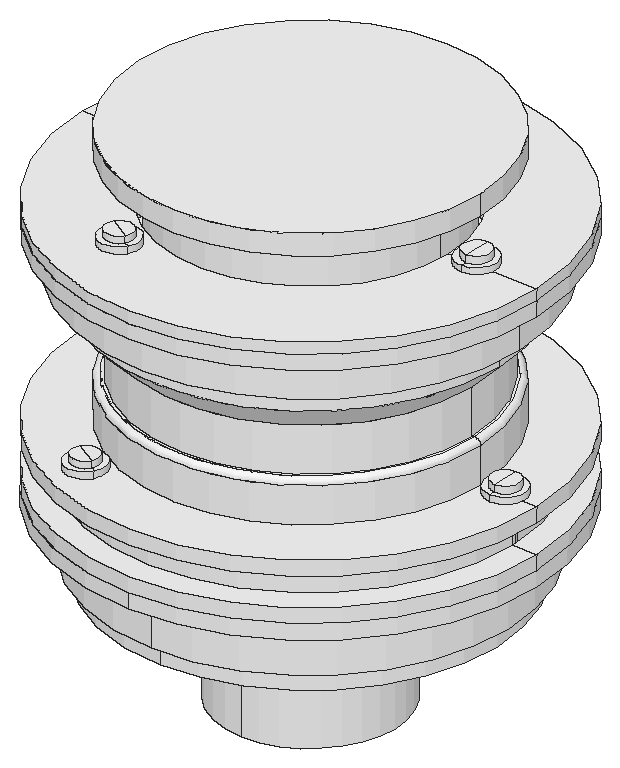
Revit family "F1100-C-4 POD", category Plumbing Fixtures, host Face, Revit 2017
Family settings
  Host = Face
  Round Connector Dimension = Use Radius
  Part Type = Normal
  Cut with Voids When Loaded = No
  Shared = No
  Room Calculation Point = No
Parameters (values of type "6" Dia  Strainer - 3" Drain")
  WFU = 0
  URL = "WWW.MIFAB.COM"
  Strainer Diameter = 0' - 6 15/16"
  Strainer Adjustment [instance] = 0' - 1 1/2"
  Pipe Radius = Pipe Diameter / 2  # 0' - 1 1/2"
  Pipe Diameter = 0' - 3"
  Model = "F1100-C-4POD"
  Manufacturer = "MIFAB"
  Floor Drain Material = Paint - Sherwin Williams Paint - #952C2A - Bellwood Red
  Domestic Cold Water Radius = 0' - 0 1/4"
  Domestic Cold Water Diameter = Domestic Cold Water Radius * 2  # 0' - 0 1/2"
  Diameter = 0' - 6"
  Description = "PLANTER PODIUM DRAIN"
  Default Elevation = 0' - 0"
  CWFU = 0
  Body Height = 0' - 3 3/8"
  Assembly Code = ""
Types (6): name | Pipe Radius | Pipe Diameter | Diameter
  (no name) | 0' - 1 1/2" | 0' - 3" | 0' - 6"
  5" Dia  Strainer - 2" Drain | 0' - 1" | 0' - 2" | 0' - 5"
  6" Dia  Strainer - 3" Drain | 0' - 1 1/2" | 0' - 3" | 0' - 6"
  7" Dia  Strainer - 4" Drain | 0' - 2" | 0' - 4" | 0' - 7"
  8" Dia  Strainer - 5" Drain | 0' - 2 1/2" | 0' - 5" | 0' - 8"
  10" Dia  Strainer - 6" Drain | 0' - 3" | 0' - 6" | 0' - 10"
Reference planes (in)
  plane 1 "Center (Front/Back)": y = 0
  plane 2: z = 0
  plane 3 "Center (Left/Right)": x = 0
  plane 4: z = -8.975
  plane 5: z = -4.1
  plane 6: y = -1.5
  plane 7: y = 1.5
  plane 8: x = -2
  plane 9: x = 2
  plane 10: z = -0.8
  plane 11: z = -4.85
  plane 12: z = -0.35625
  plane 13: z = -5.6
  plane 14: z = -1.35
  plane 15: y = -4
Forms (in)
  Revolve 1, solid, material "Paint - Sherwin Williams Paint - #952C2A - Bellwood Red" <- "Floor Drain Material"
    sketch origin (0, 0.04396, -4.1) x (0, 1, 0) y (0, 0, 1)
      loop
        line (-3.02966, -1.5) -> (-4.04396, -1.5) -> (-4.04396, -1.76052) -> (-3.54396, -1.76052) -> (-3.54396, -2.59834) -> (-3.34424, -2.59834) -> (-3.34424, -2.94618) -> (-1.54396, -3.53113) -> (-1.54396, -4.875) -> (-1.29396, -4.875) -> (-1.29396, -3.32029) -> (-3.02966, -2.75632) -> (-3.02966, -1.5)
      axis (-0.04396, -1.5) -> (-0.04396, -4.875)
    angle from 0 to 360
  Revolve 2, solid, material "Paint - Sherwin Williams Paint - #952C2A - Bellwood Red" <- "Floor Drain Material"
    sketch origin (2.88849, 3.35604, 1.30859) x (0, 1, 0) y (0, 0, 1)
      loop
        line (-3.29765, -2.23931) -> (-3.53152, -2.23931) -> (-3.53152, -2.35802) -> (-3.63503, -2.35802) -> (-3.63503, -2.45938) -> (-3.45781, -2.45938) -> (-3.45781, -3.30762) -> (-3.29765, -3.30762) -> (-3.29765, -2.23931)
      axis (-3.29765, -2.23931) -> (-3.29765, -3.30762)
    angle from 0 to 360
  Revolve 3, solid, material "Paint - Sherwin Williams Paint - #952C2A - Bellwood Red" <- "Floor Drain Material"
    sketch origin (0.4375, 0, -4.375) x (1, 0, 0) y (0, 0, 1)
      loop
        line (-4.4739, -1.90391) -> (-2.8927, -1.90391) -> (-2.8927, -1.5703) -> (-3.81457, -1.5703) -> (-3.90837, -1.65391) -> (-4.4739, -1.65391) -> (-4.4739, -1.90391)
      axis (-2.8927, -1.90391) -> (-4.4739, -1.90391)
    angle from 0 to 360
  Revolve 4, solid, material "Paint - Sherwin Williams Paint - #952C2A - Bellwood Red" <- "Floor Drain Material"
    sketch origin (1.55581, -4.23012, 1.30859) x (0.866025, -0.5, 0) y (0, 0, 1)
      loop
        line (-3.29765, -2.23931) -> (-3.52371, -2.23931) -> (-3.52371, -2.34742) -> (-3.62722, -2.34742) -> (-3.62722, -2.45938) -> (-3.45688, -2.45938) -> (-3.45688, -3.30762) -> (-3.29765, -3.30762) -> (-3.29765, -2.23931)
      axis (-3.29765, -2.23931) -> (-3.29765, -3.30762)
    angle from 0 to 360
  Revolve 5, solid, material "Paint - Sherwin Williams Paint - #952C2A - Bellwood Red" <- "Floor Drain Material"
    sketch origin (-4.30494, 0.8917, 1.30859) x (-0.866025, -0.5, 0) y (0, 0, 1)
      loop
        line (-3.29765, -2.23931) -> (-3.56277, -2.23931) -> (-3.56277, -2.35802) -> (-3.66628, -2.35802) -> (-3.66628, -2.45938) -> (-3.45781, -2.45938) -> (-3.45781, -3.30762) -> (-3.29765, -3.30762) -> (-3.29765, -2.23931)
      axis (-3.29765, -2.23931) -> (-3.29765, -3.30762)
    angle from 0 to 360
  Revolve 6, solid, material "Paint - Sherwin Williams Paint - #952C2A - Bellwood Red" <- "Floor Drain Material"
    sketch origin (3.39723, 3.35604, -2.14062) x (0, 1, 0) y (0, 0, 1)
      loop
        line (-3.29765, -2.23931) -> (-3.53152, -2.23931) -> (-3.53152, -2.35802) -> (-3.63503, -2.35802) -> (-3.63503, -2.45938) -> (-3.45781, -2.45938) -> (-3.45781, -3.30762) -> (-3.29765, -3.30762) -> (-3.29765, -2.23931)
      axis (-3.29765, -2.23931) -> (-3.29765, -3.30762)
    angle from 0 to 360
  Revolve 7, solid, material "Paint - Sherwin Williams Paint - #952C2A - Bellwood Red" <- "Floor Drain Material"
    sketch origin (1.3051, -4.66435, -2.14062) x (0.866025, -0.5, 0) y (0, 0, 1)
      loop
        line (-3.29765, -2.23931) -> (-3.52371, -2.23931) -> (-3.52371, -2.34742) -> (-3.62722, -2.34742) -> (-3.62722, -2.45938) -> (-3.45688, -2.45938) -> (-3.45688, -3.30762) -> (-3.29765, -3.30762) -> (-3.29765, -2.23931)
      axis (-3.29765, -2.23931) -> (-3.29765, -3.30762)
    angle from 0 to 360
  Revolve 8, solid, material "Paint - Sherwin Williams Paint - #952C2A - Bellwood Red" <- "Floor Drain Material"
    sketch origin (-4.53881, 1.29621, -2.14062) x (-0.866025, -0.5, 0) y (0, 0, 1)
      loop
        line (-3.29765, -2.23931) -> (-3.56277, -2.23931) -> (-3.56277, -2.35802) -> (-3.66628, -2.35802) -> (-3.66628, -2.45938) -> (-3.45781, -2.45938) -> (-3.45781, -3.30762) -> (-3.29765, -3.30762) -> (-3.29765, -2.23931)
      axis (-3.29765, -2.23931) -> (-3.29765, -3.30762)
    angle from 0 to 360
  Revolve 9, solid, material "Paint - Sherwin Williams Paint - #952C2A - Bellwood Red" <- "Floor Drain Material"
    sketch origin (0, 0, 0) x (1, 0, 0) y (0, 0, 1)
      loop
        line (2.5732, -1.35) -> (2.5732, -1.74724) -> (3.08751, -1.74724) -> (3.08751, -2.55663) -> (2.64442, -2.99973) -> (2.64442, -4.85) -> (2.84364, -4.85) -> (2.84364, -3.11244) -> (3.34728, -2.6088) -> (3.34728, -2.22499) -> (3.69675, -2.22499) -> (3.69675, -1.6) -> (4, -1.6) -> (4, -1.35) -> (2.5732, -1.35)
      axis (0, -4.85) -> (0, -1.35)
    angle from 0 to 360
  Revolve 10, solid, material "Paint - Sherwin Williams Paint - #952C2A - Bellwood Red" <- "Floor Drain Material"
    sketch origin (0, 0, 0) x (1, 0, 0) y (0, 0, 1)
      loop
        line (3.99992, -5.6) -> (3.99992, -5.34931) -> (3.56486, -5.34931) -> (3.56486, -4.85) -> (3.99992, -4.85) -> (3.99992, -4.6) -> (2.99992, -4.6) -> (2.99992, -3.98066)
        arc (2.99992, -3.98066) -> (2.9706, -3.90988) -> (2.89982, -3.88056) r 0.1001
        line (2.89982, -3.88056) -> (2.84367, -3.88056) -> (2.84367, -4.85) -> (3.31486, -4.85) -> (3.31486, -5.6) -> (3.99992, -5.6)
      axis (0, -5.6) -> (0, -3.88056)
    angle from 0 to 360
  Revolve 11, solid, material "Paint - Sherwin Williams Paint - #952C2A - Bellwood Red" <- "Floor Drain Material"
    sketch origin (0, 0, 0) x (1, 0, 0) y (0, 0, 1)
      loop
        line (4, -1.35) -> (4, -1.15078) -> (2.44306, -1.15078) -> (2.44306, -1.35) -> (4, -1.35)
      loop
        line (2.30758, -1.74724) -> (2.30758, -0.35625) -> (2.21097, -0.35625) -> (2.21097, -1.74724) -> (2.30758, -1.74724)
      axis (0, -1.74724) -> (0, -0.35625)
    angle from 0 to 360
  Extrusion 12, solid, material "Paint - Sherwin Williams Paint - #952C2A - Bellwood Red" <- "Floor Drain Material"
    sketch origin (0, 0, 0) x (1, 0, 0) y (0, 1, 0)
      loop
        circle (0, 0) r 3
    from 0 to -0.35625
Cuts and joins
  joined: Revolve 1, Revolve 3
Dimensions and locks (in)
  Revolve 1 to Revolve 3 sketch curve = 0' - 0.4184"
  equal spacing: plane 7, plane 1 "Center (Front/Back)", plane 6
  "Pipe Diameter": plane 7 to plane 6
  "Pipe Radius": plane 1 "Center (Front/Back)" to plane 6
  locked: Revolve 3 sketch curve to plane 3 "Center (Left/Right)" at 2.4552
  equal spacing: plane 8, plane 3 "Center (Left/Right)", plane 9
  plane 8 to plane 9 = 0' - 4"
  level to plane 12 to plane 10 = 0' - 0.35625", 0' - 0.44375"
  locked: level to plane 13 at 5.6
  "Body Height": plane 13 to plane 4
  locked: plane 14 to plane 13 at 4.25
  level to plane 12 = 0' - 0.35625"
  plane 11 to plane 13 = 0' - 0 3/4"
  locked: plane 1 "Center (Front/Back)" to plane 15 at 4
  plane 13 to cut or joined group of Revolve 1, Revolve 3 = 0' - 3 3/8"
  plane 1 "Center (Front/Back)" to Revolve 1 sketch curve to Revolve 1 sketch curve = 0' - 2.9857" locked, 0' - 0.5143" locked
  "Diameter": diameter of Extrusion 12 sketch curve
  aligned and locked: plane 2 to host face
  aligned and locked: level to host face
  aligned and locked: Revolve 1 sketch curve to plane 6
  aligned and locked: Revolve 1 sketch curve to plane 13
  aligned and locked: Extrusion 12 to plane 2
  aligned and locked: Extrusion 12 to plane 12
Automatic sketch dimensions
  host sketch curve to host sketch curve = 8' - 0"  (x2)
  plane 1 "Center (Front/Back)" to Revolve 2 sketch curve = 0' - 0.27899"
  Revolve 2 sketch curve to Revolve 2 sketch curve = 0' - 0.10351"
  plane 1 "Center (Front/Back)" to Revolve 2 sketch curve = 0' - 0.10177"
  Revolve 2 sketch curve to plane 1 "Center (Front/Back)" = 0' - 0.05839"  (x2)
  Revolve 2 sketch curve to plane 14 = 0' - 0.64902"
  plane 14 to Revolve 2 sketch curve = 0' - 0 51/256"
  Revolve 2 sketch curve to Revolve 2 sketch curve = 0' - 0.10135"
  Revolve 2 sketch curve to plane 10 = 0' - 0.13072"
  Revolve 2 sketch curve to Revolve 2 sketch curve = 0' - 0.3419"
  Revolve 2 sketch curve to Revolve 2 sketch curve = 0' - 0.0875"
  Revolve 3 sketch curve to plane 13 = 0' - 0.3453"
  Revolve 3 sketch curve to Revolve 3 sketch curve = 0' - 0 59/64"
  Revolve 3 sketch curve to Revolve 3 sketch curve = 0' - 0.09379"
  Revolve 3 sketch curve to Revolve 3 sketch curve = 0' - 0.56553"
  Revolve 3 sketch curve to Revolve 3 sketch curve = 0' - 0 1/4"
  Revolve 3 sketch curve to Revolve 3 sketch curve = 0' - 0.22507"
  Revolve 3 sketch curve to Revolve 3 sketch curve = 0' - 0"  (x2)
  Revolve 4 sketch curve to plane 10 = 0' - 0.23883"
  Revolve 4 sketch curve to Revolve 4 sketch curve = 0' - 0.10351"
  Revolve 4 sketch curve to Revolve 4 sketch curve = 0' - 0.06683"
  Revolve 4 sketch curve to Revolve 4 sketch curve = 0' - 0.22606"
  Revolve 4 sketch curve to Revolve 4 sketch curve = 0' - 0.11195"
  Revolve 4 sketch curve to plane 14 = 0' - 0.64902"
  Revolve 4 sketch curve to plane 10 = 0' - 0.13072"
  Revolve 4 sketch curve to Revolve 4 sketch curve = 0' - 0"
  Revolve 4 sketch curve to Revolve 4 sketch curve = 0' - 0.3419"
  Revolve 4 sketch curve to Revolve 4 sketch curve = 0' - 0.0875"
  Revolve 5 sketch curve to plane 10 = 0' - 0.24943"
  Revolve 5 sketch curve to Revolve 5 sketch curve = 0' - 0.10351"
  Revolve 5 sketch curve to Revolve 5 sketch curve = 0' - 0.10496"
  Revolve 5 sketch curve to plane 10 = 0' - 0.13072"
  Revolve 5 sketch curve to Revolve 5 sketch curve = 0' - 0.26512"
  Revolve 5 sketch curve to Revolve 5 sketch curve = 0' - 0.10135"
  Revolve 5 sketch curve to plane 14 = 0' - 0.64902"
  Revolve 5 sketch curve to Revolve 5 sketch curve = 0' - 0"
  Revolve 5 sketch curve to Revolve 5 sketch curve = 0' - 0.3419"
  Revolve 5 sketch curve to Revolve 5 sketch curve = 0' - 0.0875"
  plane 1 "Center (Front/Back)" to Revolve 6 sketch curve = 0' - 0.27899"
  Revolve 6 sketch curve to Revolve 6 sketch curve = 0' - 0.10351"
  plane 1 "Center (Front/Back)" to Revolve 6 sketch curve = 0' - 0.10177"
  Revolve 6 sketch curve to plane 1 "Center (Front/Back)" = 0' - 0.05839"  (x2)
  plane 13 to Revolve 6 sketch curve = 0' - 0.15176"
  plane 11 to Revolve 6 sketch curve = 0' - 0 1/4"
  Revolve 6 sketch curve to Revolve 6 sketch curve = 0' - 0.10135"
  Revolve 6 sketch curve to Revolve 6 sketch curve = 0' - 0.11871"
  Revolve 6 sketch curve to plane 13 = 0' - 0.19014"
  Revolve 6 sketch curve to Revolve 6 sketch curve = 0' - 0.0875"
  plane 11 to Revolve 7 sketch curve = 0' - 0.36195"
  Revolve 7 sketch curve to Revolve 7 sketch curve = 0' - 0.10351"
  Revolve 7 sketch curve to Revolve 7 sketch curve = 0' - 0.06683"
  Revolve 7 sketch curve to Revolve 7 sketch curve = 0' - 0.22606"
  Revolve 7 sketch curve to Revolve 7 sketch curve = 0' - 0.11195"
  plane 13 to Revolve 7 sketch curve = 0' - 0.15176"
  Revolve 7 sketch curve to Revolve 7 sketch curve = 0' - 0.10811"
  Revolve 7 sketch curve to Revolve 7 sketch curve = 0' - 0"
  Revolve 7 sketch curve to plane 13 = 0' - 0.19014"
  Revolve 7 sketch curve to Revolve 7 sketch curve = 0' - 0.0875"
  plane 11 to Revolve 8 sketch curve = 0' - 0.35135"
  Revolve 8 sketch curve to Revolve 8 sketch curve = 0' - 0.10351"
  Revolve 8 sketch curve to Revolve 8 sketch curve = 0' - 0.10496"
  Revolve 8 sketch curve to Revolve 8 sketch curve = 0' - 0.26512"
  Revolve 8 sketch curve to Revolve 8 sketch curve = 0' - 0.10135"
  plane 13 to Revolve 8 sketch curve = 0' - 0.15176"
  Revolve 8 sketch curve to Revolve 8 sketch curve = 0' - 0.22007"
  Revolve 8 sketch curve to Revolve 8 sketch curve = 0' - 0"
  Revolve 8 sketch curve to plane 13 = 0' - 0.19014"
  Revolve 8 sketch curve to Revolve 8 sketch curve = 0' - 0.0875"
  Revolve 9 sketch curve to plane 3 "Center (Left/Right)" = 0' - 0"
  Revolve 9 sketch curve to plane 14 = 0' - 0"
  Revolve 9 sketch curve to plane 11 = 0' - 0"
  Revolve 9 sketch curve to plane 9 = 0' - 0.5732"
  Revolve 9 sketch curve to plane 9 = 0' - 0.64442"
  Revolve 9 sketch curve to Revolve 9 sketch curve = 0' - 0 51/256"
  Revolve 9 sketch curve to Revolve 9 sketch curve = 0' - 0.51431"
  Revolve 9 sketch curve to Revolve 9 sketch curve = 0' - 0.25977"
  Revolve 9 sketch curve to plane 14 = 0' - 0 1/4"
  Revolve 9 sketch curve to Revolve 9 sketch curve = 0' - 0.60924"
  Revolve 9 sketch curve to Revolve 9 sketch curve = 0' - 0.30325"
  Revolve 9 sketch curve to Revolve 9 sketch curve = 0' - 1.51244"
  Revolve 9 sketch curve to Revolve 9 sketch curve = 0' - 0.11271"
  Revolve 9 sketch curve to Revolve 9 sketch curve = 0' - 0.50364"
  Revolve 9 sketch curve to Revolve 9 sketch curve = 0' - 0.05216"
  Revolve 9 sketch curve to Revolve 9 sketch curve = 0' - 0.38381"
  Revolve 9 sketch curve to plane 14 = 0' - 0.39724"
  level to Revolve 9 sketch curve = 0' - 1.4"
  Revolve 9 sketch curve to Revolve 9 sketch curve = 0' - 1 1/2"
  Revolve 10 sketch curve to plane 3 "Center (Left/Right)" = 0' - 0"
  Revolve 10 sketch curve to plane 11 = 0' - 0"  (x2)
  Revolve 10 sketch curve to plane 13 = 0' - 0"
  Revolve 10 sketch curve to plane 9 = 0' - 0.84367"
  Revolve 10 sketch curve to Revolve 10 sketch curve = 0' - 0.05615"
  Revolve 10 sketch curve to Revolve 10 sketch curve = 0' - 0.1001"
  Revolve 10 sketch curve to Revolve 10 sketch curve = 0' - 0.31493"
  Revolve 10 sketch curve to Revolve 10 sketch curve = 0' - 0 1/4"
  Revolve 10 sketch curve to Revolve 10 sketch curve = 0' - 0.43507"  (x2)
  plane 13 to Revolve 10 sketch curve = 0' - 0.25069"
  plane 11 to Revolve 10 sketch curve = 0' - 0 1/4"
  Revolve 10 sketch curve to Revolve 10 sketch curve = 0' - 0.61934"
  level to Revolve 10 sketch curve = 0' - 0.30694"
  Revolve 10 sketch curve to Revolve 10 sketch curve = 0' - 0 3/4"
  Revolve 11 sketch curve to plane 3 "Center (Left/Right)" = 0' - 0"
  Revolve 11 sketch curve to plane 12 = 0' - 0"
  Revolve 11 sketch curve to plane 14 = 0' - 0"
  Revolve 11 sketch curve to plane 9 = 0' - 0.21097"
  Revolve 11 sketch curve to Revolve 11 sketch curve = 0' - 0.09661"
  Revolve 11 sketch curve to Revolve 11 sketch curve = 0' - 0.13548"
  plane 14 to Revolve 11 sketch curve = 0' - 0 51/256"
  Revolve 11 sketch curve to Revolve 11 sketch curve = 0' - 1.55694"
  Revolve 11 sketch curve to plane 14 = 0' - 0.39724"
  level to Revolve 11 sketch curve = 0' - 1.39375"
  Revolve 11 sketch curve to Revolve 11 sketch curve = 0' - 0 1/4"
  Revolve 1 sketch curve to plane 15 = 0' - 0"
  Revolve 1 sketch curve to plane 4 = 0' - 0"  (x2)
  Revolve 1 sketch curve to plane 1 "Center (Front/Back)" = 0' - 0"
  Revolve 1 sketch curve to Revolve 1 sketch curve = 0' - 0.19972"
  Revolve 1 sketch curve to plane 6 = 0' - 0 1/4"
  plane 4 to Revolve 1 sketch curve = 0' - 1.34387"
  Revolve 1 sketch curve to Revolve 1 sketch curve = 0' - 0.21084"
  Revolve 1 sketch curve to Revolve 1 sketch curve = 0' - 0.58495"
  Revolve 1 sketch curve to Revolve 1 sketch curve = 0' - 0.18986"
  Revolve 1 sketch curve to Revolve 1 sketch curve = 0' - 0.34784"
  Revolve 1 sketch curve to plane 13 = 0' - 0.26052"
  Revolve 1 sketch curve to plane 13 = 0' - 0 1/4"
  plane 1 "Center (Front/Back)" to Extrusion 12 sketch curve = 0' - 0"
  Extrusion 12 sketch curve to plane 3 "Center (Left/Right)" = 0' - 0"
Connectors (in)
  piping at (-4.0364, 0, -6.27891), diameter 0.5, driven by "Domestic Cold Water Radius", driven by "CWFU"
    settings: on Revolve 3, index 1, connector inside diameter 1/2", connector length 0' - 0", flow factor 0, pipe flow 0 GPM, pressure drop 0.00 psi, fitting loss kfactor 0, connector angle 0.00°, fixture units 0, engagement length 0' - 0", angle of deflection 0.00°, flow configuration 3, flow direction 1, fitting loss method 0, system type 20, joint type 0, gender type 0, connector reference index -1, connector utility 0, adjustable connector no, is connector primary yes, connector description "Domestic Cold Water In"
  piping at (0, 0, -8.975), diameter 3, driven by "Pipe Radius", driven by "WFU"
    settings: on Revolve 1, index 2, connector inside diameter 2", connector length 0' - 0", flow factor 0, pipe flow 0 GPM, pressure drop 0.00 psi, fitting loss kfactor 0, connector angle 0.00°, fixture units 0, engagement length 0' - 0", angle of deflection 0.00°, flow configuration 3, flow direction 2, fitting loss method 0, system type 16, joint type 0, gender type 0, connector reference index -1, connector utility 0, adjustable connector no, is connector primary no, connector description "Sanitary Out"
